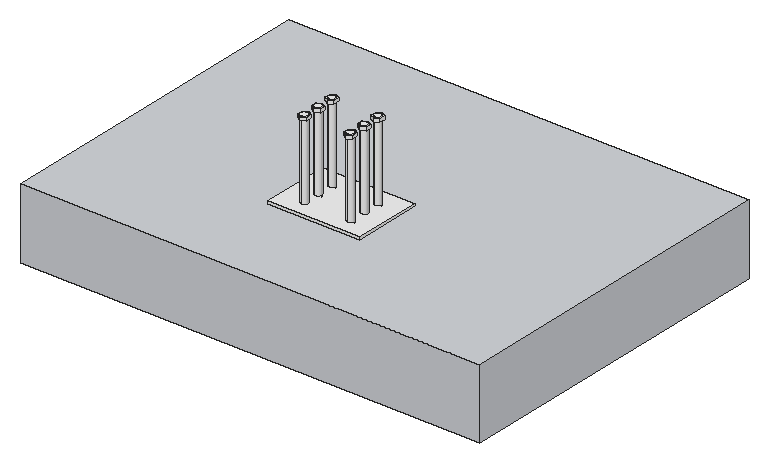
Revit family
Parameters (values of type "10mm")
  폭 [instance] = 300 mm
  두께 = 10 mm
  로드 반지름 [instance] = 15 mm
  강판 재료 = 금속 - 스틸 - 345 MPa
  볼트 수 [instance] = 3
  길이 [instance] = 400 mm
  후크 반지름 [instance] = 27 mm
  후크 길이 [instance] = 100 mm
  수직 구멍 간격두기 [instance] = 150 mm
  수평 구멍 간격두기 [instance] = 200 mm
  Default Elevation = 1200 mm
  앵커 유형 = M_앵커 로드 : M_앵커 로드
  앵커 재료 = 금속 - 스틸 - 345 MPa
  앵커 길이 [instance] = 350 mm
Types (7, lengths in mm): name | 두께 | 앵커 유형 | 앵커 재료
  (no name) | 10 | M_앵커 로드 : M_앵커 로드 | 금속 - 스틸 - 345 MPa
  25mm | 25 | M_앵커 로드 후크 : M_앵커 로드 후크 | none
  5mm | 5 | M_앵커 로드 후크 : M_앵커 로드 후크 | none
  10mm | 10 | M_앵커 로드 : M_앵커 로드 | 금속 - 스틸 - 345 MPa
  15mm | 15 | M_앵커 로드 후크 : M_앵커 로드 후크 | none
  20mm | 20 | M_앵커 로드 : M_앵커 로드 | none
  30mm | 30 | M_앵커 로드 : M_앵커 로드 | none
Reference planes
  plane 1 "중심(앞/뒤)": y = 0
  plane 2: z = 0
  plane 3 "중심(왼쪽/오른쪽)": x = 0
  plane 4: x = -200
  plane 5: x = 200
  plane 6: y = 150
  plane 7: y = -150
  plane 8: y = 75
  plane 9: y = -75
  plane 10: x = -100
  plane 11: x = 100
  plane 12: z = 10
  plane 13: y = 150
  plane 14: y = -150
  plane 15: x = -200
  plane 16: x = 200
  plane 17: y = 75
  plane 18: y = -75
  plane 19: x = -100
  plane 20: x = 100
Forms (mm)
  Extrusion 1, solid
    sketch origin (0, 0, 0) x (1, 0, 0) y (0, 1, 0)
      loop
        line (-939.8, 889) -> (-939.8, -567.933) -> (1059.399, -567.933) -> (1059.399, 889) -> (-939.8, 889)
    from 0 to -304.8
  Extrusion 2, solid, material "금속 - 스틸 - 345 MPa" <- "강판 재료"
    sketch origin (0, 0, 0) x (1, 0, 0) y (0, 1, 0)
      loop
        line (-200, 150) -> (-200, -150) -> (200, -150) -> (200, 150) -> (-200, 150)
    from 0 to 10
Dimensions and locks
  "길이": plane 4 to plane 5
  equal spacing: plane 4, plane 3 "중심(왼쪽/오른쪽)", plane 5
  equal spacing: plane 7, plane 1 "중심(앞/뒤)", plane 6
  "폭": plane 7 to plane 6
  equal spacing: plane 9, plane 1 "중심(앞/뒤)", plane 8
  "수직 구멍 간격두기": plane 9 to plane 8
  equal spacing: plane 10, plane 3 "중심(왼쪽/오른쪽)", plane 11
  "수평 구멍 간격두기": plane 10 to plane 11
  "두께": plane 12 to plane 2
  equal spacing: group 1, group 3, group 2  (x3)
  equal spacing: group 4, group 6, group 5  (x3)
  aligned and locked: plane 2 to Extrusion 1
  aligned and locked: level to Extrusion 1
  aligned and locked: plane 4 to Extrusion 2 sketch curve
  aligned and locked: Extrusion 2 sketch curve to plane 6
  aligned and locked: plane 7 to Extrusion 2 sketch curve
  aligned and locked: plane 5 to Extrusion 2 sketch curve
  aligned and locked: plane 12 to Extrusion 2
  aligned and locked: Extrusion 2 to level
  aligned and locked: nested 2 to plane 9
  aligned and locked: plane 10 to nested 2
  aligned and locked: nested 1 to plane 11
  aligned and locked: nested 1 to plane 9
  aligned and locked: nested 3 to plane 8
  aligned and locked: plane 10 to nested 3
  aligned and locked: plane 8 to nested 5
  aligned and locked: plane 11 to nested 5
  aligned and locked: plane 2 to nested 2
  aligned and locked: plane 2 to nested 1
  aligned and locked: plane 2 to nested 3
  aligned and locked: plane 2 to nested 5
  aligned and locked: plane 6 to plane 13
  aligned and locked: plane 14 to plane 7
  aligned and locked: plane 4 to plane 15
  aligned and locked: plane 16 to plane 5
  aligned and locked: plane 8 to plane 17
  aligned and locked: plane 18 to plane 9
  aligned and locked: plane 10 to plane 19
  aligned and locked: plane 20 to plane 11
Automatic sketch dimensions
  Extrusion 1 sketch curve to Extrusion 1 sketch curve = 1999.199 mm
  Extrusion 1 sketch curve to Extrusion 1 sketch curve = 1456.933 mm
Nested families
  nested 1: "M_앵커 로드" at (100, -75, 0) x (-1, 0, 0) z (0, 0, 1), type <- "앵커 유형", type "M_앵커 로드"
    with 로드 반지름 15 mm, 볼트 폭 39.525 mm, 앵커 길이 350 mm
  nested 2: "M_앵커 로드" at (-100, -75, 0), type <- "앵커 유형", type "M_앵커 로드"
    with 로드 반지름 15 mm, 볼트 폭 39.525 mm, 앵커 길이 350 mm
  nested 3: "M_앵커 로드" at (-100, 75, 0), type <- "앵커 유형", type "M_앵커 로드"
    with 로드 반지름 15 mm, 볼트 폭 39.525 mm, 앵커 길이 350 mm
  nested 4: "M_앵커 로드" at (-100, 0, 0), type <- "앵커 유형", type "M_앵커 로드"
    with 로드 반지름 15 mm, 볼트 폭 39.525 mm, 앵커 길이 350 mm
  nested 5: "M_앵커 로드" at (100, 75, 0) x (-1, 0, 0) z (0, 0, 1), type <- "앵커 유형", type "M_앵커 로드"
    with 로드 반지름 15 mm, 볼트 폭 39.525 mm, 앵커 길이 350 mm
  nested 6: "M_앵커 로드" at (100, 0, 0) x (-1, 0, 0) z (0, 0, 1), type <- "앵커 유형", type "M_앵커 로드"
    with 로드 반지름 15 mm, 볼트 폭 39.525 mm, 앵커 길이 350 mm
Definition of nested family "M_앵커 로드"
  Parameters (values of type "M_앵커 로드")
    로드 반지름 = 12.7 mm
    볼트 폭 = 로드 반지름 * 2 + 9.525 mm  # 34.925 mm
    Assembly Code = ""
    앵커 재료 = 금속 - 스틸 - 345 MPa
    앵커 길이 = 381 mm
  Reference planes
    plane 1 "중심(앞/뒤)": y = 0
    plane 2: z = 0
    plane 3 "중심(왼쪽/오른쪽)": x = 0
    plane 4: x = 17.463
    plane 5: x = -17.462
    plane 6: through (18.256, 9.624, 1219.2) normal (-0.5, -0.866, 0)
    plane 7: through (-18.256, 9.624, 1219.2) normal (-0.5, 0.866, 0)
    plane 8: through (0.794, -20.622, 1219.2) normal (-0.5, -0.866, 0)
    plane 9: through (-0.794, -20.622, 1219.2) normal (-0.5, 0.866, 0)
    plane 10: through (0, 0, 1219.2) normal (-0.5, 0.866, 0)
    plane 11: through (0, 0, 1219.2) normal (-0.5, -0.866, 0)
    plane 12: z = 381
    plane 13: z = -19.05
    plane 14: z = -50.8
  Forms (mm)
    Sweep 1, solid, material "금속 - 스틸 - 345 MPa" <- "앵커 재료"
      path origin (0, 0, 0) x (1, 0, 0) y (0, 0, 1)
        loop
          line (0, 381) -> (0, -50.8)
      profile origin (0, 0, 165.1) x (0, -1, 0) y (1, 0, 0)
        loop
          circle (0, 0) r 12.7
    Extrusion 2, solid, material "금속 - 스틸 - 345 MPa" <- "앵커 재료"
      sketch origin (0, 0, 0) x (1, 0, 0) y (0, 1, 0)
        loop
          line (0, 20.164) -> (-17.462, 10.082) -> (-17.462, -10.082) -> (0, -20.164) -> (17.463, -10.082) -> (17.463, 10.082) -> (0, 20.164)
      from 0 to -19.05
    Extrusion 3, solid, material "금속 - 스틸 - 345 MPa" <- "앵커 재료"
      sketch origin (0, 0, 749.3) x (0, -1, 0) y (1, 0, 0)
        loop
          line (-10.082, -17.463) -> (10.082, -17.463) -> (20.164, 0) -> (10.082, 17.463) -> (-10.082, 17.463) -> (-20.164, 0) -> (-10.082, -17.463)
      from -381 to -368.3
  Cuts and joins
    joined: Sweep 1, Extrusion 2
  Dimensions and locks
    equal spacing: plane 5, plane 3 "중심(왼쪽/오른쪽)", plane 4
    "볼트 폭": plane 5 to plane 4
    "볼트 폭": plane 6 to plane 8
    "볼트 폭": plane 7 to plane 9
    equal spacing: plane 7, plane 10, plane 9
    equal spacing: plane 6, plane 11, plane 8
    "앵커 길이": plane 12 to plane 2
    locked: plane 2 to plane 13 at 19.05
    locked: plane 2 to plane 14 at 50.8
    locked: plane 12 to Extrusion 3 at 12.7
    "로드 반지름": radius of Sweep 1 sketch curve
    locked: plane 1 "중심(앞/뒤)" to plane 10 (angle 30.00°)
    locked: plane 11 to plane 1 "중심(앞/뒤)" (angle 30.00°)
    aligned and locked: plane 9 to Extrusion 2 sketch curve
    aligned and locked: plane 5 to Extrusion 2 sketch curve
    aligned and locked: Extrusion 2 to level
    aligned and locked: Sweep 1 sketch curve to plane 3 "중심(왼쪽/오른쪽)"
    aligned and locked: plane 12 to Sweep 1 sketch curve
    aligned and locked: plane 14 to Sweep 1 sketch curve
    aligned and locked: Extrusion 3 to plane 12
    aligned and locked: plane 13 to Extrusion 2
  Automatic sketch dimensions
    Sweep 1 sketch curve to plane 1 "중심(앞/뒤)" = 0 mm
    Sweep 1 sketch curve to profile plane = 0 mm
    Extrusion 2 sketch curve to plane 3 "중심(왼쪽/오른쪽)" = 0 mm  (x2)
    Extrusion 2 sketch curve to plane 4 = 0 mm
    Extrusion 2 sketch curve to plane 8 = 0 mm
    Extrusion 2 sketch curve to plane 6 = 0 mm  (x2)
    Extrusion 2 sketch curve to plane 7 = 0 mm
    Extrusion 3 sketch curve to plane 3 "중심(왼쪽/오른쪽)" = 0 mm  (x2)
    Extrusion 3 sketch curve to plane 6 = 0 mm  (x2)
    Extrusion 3 sketch curve to plane 5 = 0 mm
    Extrusion 3 sketch curve to plane 7 = 0 mm
    Extrusion 3 sketch curve to plane 4 = 0 mm
    Extrusion 3 sketch curve to plane 9 = 0 mm
    Extrusion 3 sketch curve to plane 8 = 0 mm  (x2)
